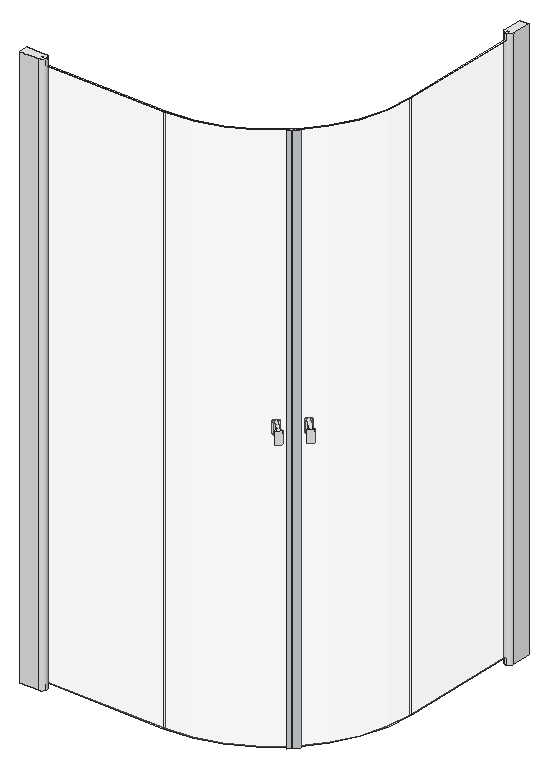
Revit family "IglooPro Round Shower", category Generic Models, Revit 2019
Family settings
  Can host rebar = No
  Round Connector Dimension = Use Diameter
  Part Type = Normal
  Work Plane-Based = No
  Always vertical = Yes
  Cut with Voids When Loaded = No
  Shared = No
  Room Calculation Point = No
Parameters (values of type "1450427 IglooPro Round 100x100 Clear")
  Width = 1000 mm
  URL = "https://www.hafa.se/"
  Straight part of door w = Width - 500 mm  # 500 mm
  Straight part of door l = Length - 500 mm  # 500 mm
  Ref plane hor = Length - 599 mm  # 401 mm
  Profile and Handle material = Aluminium
  Placement handle W = 297.24 mm
  Placement handle L = 297.2 mm
  Manufacturer = "Hafa Bathroom Group"
  Length = 1000 mm
  Glass Type = Glass Clear
  ETIM class = "EC010038"
  Doorblade width = Width - 205 mm  # 795 mm
  Doorblade length = Length - 205 mm  # 795 mm
  Diagonal = 924 mm
  Description = "Shower corner"
Types (17, lengths in mm): name | Width | Straight part of door w | Straight part of door l | Ref plane hor | Placement handle W | Placement handle L | Length | Doorblade width | Doorblade length | Diagonal
  (no name) | 1000 | 500 | 500 | 401 | 297.24 | 297.2 | 1000 | 795 | 795 | 924
  1450401 IglooPro Round 90x90 Clear | 900 | 400 | 400 | 301 | 297.24 | 310.876 | 900 | 695 | 695 | 924
  1450400 IglooPro Round 80x80 Clear | 800 | 300 | 300 | 201 | 297.24 | 310.876 | 800 | 595 | 595 | 986
  1450420 IglooPro Round 70x70 Clear | 700 | 200 | 200 | 101 | 297.24 | 310.876 | 700 | 495 | 495 | 924
  1450421 IglooPro Round 70x80 Clear | 800 | 300 | 200 | 101 | 284.2 | 310.876 | 700 | 595 | 495 | 924
  1450421 IglooPro Round 80x70 Clear | 700 | 200 | 300 | 201 | 310.2 | 283.9 | 800 | 495 | 595 | 924
  1450422 IglooPro Round 70x90 Clear | 700 | 200 | 428.991 | 329.991 | 325.2 | 269 | 928.991 | 495 | 723.991 | 924
  1450422 IglooPro Round 90x70 Clear | 900 | 400 | 200 | 101 | 272.2 | 321.9 | 700 | 695 | 495 | 924
  1450423 IglooPro Round 70x100 Clear | 1000 | 500 | 200 | 101 | 260.2 | 332.9 | 700 | 795 | 495 | 924
  1450423 IglooPro Round 100x70 Clear | 700 | 200 | 500 | 401 | 332.2 | 250.9 | 1000 | 495 | 795 | 924
  1450424 IglooPro Round 80x90 Clear | 900 | 400 | 300 | 201 | 285.2 | 310.876 | 800 | 695 | 595 | 924
  1450424 IglooPro Round 90x80 Clear | 800 | 300 | 400 | 301 | 309.2 | 284.9 | 900 | 595 | 695 | 924
  1450425 IglooPro Round 80x100 Clear | 1000 | 500 | 300 | 201 | 274.2 | 319.9 | 800 | 795 | 595 | 924
  1450425 IglooPro Round 100x80 Clear | 800 | 300 | 500 | 401 | 319.2 | 272.9 | 1000 | 595 | 795 | 924
  1450426 IglooPro Round 90x100 Clear | 1000 | 500 | 400 | 301 | 286.2 | 310.876 | 900 | 795 | 695 | 924
  1450426 IglooPro Round 100x90 Clear | 900 | 400 | 500 | 401 | 308.2 | 286.9 | 1000 | 695 | 795 | 924
  1450427 IglooPro Round 100x100 Clear | 1000 | 500 | 500 | 401 | 297.24 | 297.2 | 1000 | 795 | 795 | 924
Reference planes
  plane 1 "Center (Front/Back)": y = 0
  plane 2: z = 0
  plane 3 "Center (Left/Right)": x = 0
Forms (mm)
  Extrusion 1, solid, material "Aluminium"
    sketch origin (-11.989, 48, 0) x (1, 0, 0) y (0, 1, 0)
      loop
        line (-488.011, -548) -> (-422.011, -548)
        arc (-422.011, -548) -> (-406.011, -532) -> (-422.011, -516) r 16
        line (-422.011, -516) -> (-488.011, -516) -> (-488.011, -548)
    from 0 to 2000
  Extrusion 2, solid, material "Aluminium"
    sketch origin (952.782, -63.487, 0) x (0, -1, 0) y (1, 0, 0)
      loop
        line (-563.487, -484.782) -> (-497.487, -484.782)
        arc (-497.487, -484.782) -> (-481.487, -468.782) -> (-497.487, -452.782) r 16
        line (-497.487, -452.782) -> (-563.487, -452.782) -> (-563.487, -484.782)
    from 0 to 2000
  Extrusion 3, solid, material "Glass Clear" <- "Glass Type"
    sketch origin (0, 0, 0) x (1, 0, 0) y (0, 1, 0)
      loop
        line (-432, -481) -> (-432, -487) -> (0, -487) -> (0, -481) -> (-432, -481)
      loop
        line (481, 432) -> (481, 0) -> (487, 0) -> (487, 432) -> (481, 432)
    from 0 to 2000
  Extrusion 4, solid, material "Glass Clear" <- "Glass Type"
    sketch origin (0, 0, 0) x (1, 0, 0) y (0, 1, 0)
      loop
        arc (-0.009, -487) -> (344.066, -344.072) -> (487.001, 0) r 488
        line (487.001, 0) -> (480.977, 0)
        arc (480.977, 0) -> (340.1, -340.111) -> (-0.009, -480.993) r 480.993
        line (-0.009, -480.993) -> (-0.009, -487)
    from 0 to 2000
  Extrusion 5, void
    sketch origin (0, 0, 0) x (1, 0, 0) y (0, 1, 0)
      loop
        line (-485.858, 500) -> (-500, 500) -> (-500, 485.858) -> (485.858, -500) -> (500, -500) -> (500, -485.858) -> (-485.858, 500)
    from 0 to 2000
  Extrusion 6, void, not visible
    sketch origin (387, -345, 1018) x (-1, 0, 0) y (0, 1, 0)
      loop
        line (0, -5) -> (0, 1.5) -> (-21, 1.5)
        arc (-21, 1.5) -> (-23.828, 0.328) -> (-25, -2.5) r 4
        line (-25, -2.5) -> (-25, -5) -> (0, -5)
      loop
        line (0, 18) -> (-25, 18) -> (-25, 15.5)
        arc (-25, 15.5) -> (-23.828, 12.672) -> (-21, 11.5) r 4
        line (-21, 11.5) -> (0, 11.5) -> (0, 18)
    from 0 to 43
  Extrusion 7, void
    sketch origin (0, 0, 0) x (1, 0, 0) y (0, 1, 0)
      loop
        line (500, -500) -> (500, 418) -> (-418, 418) -> (-418, -500) -> (500, -500)
    from 0 to 21
  Extrusion 8, void
    sketch origin (-11.989, 48, 2000) x (0, 1, 0) y (1, 0, 0)
      loop
        line (-548, 511.989) -> (-548, -406.011) -> (370, -406.011) -> (370, 511.989) -> (-548, 511.989)
    from 0 to 21
Cuts and joins
  Extrusion 5, Extrusion 7, Extrusion 8 cuts Extrusion 4
  Extrusion 7, Extrusion 8 cuts Extrusion 3
Lines and regions (mm)
  reference lines
    curve 1: line (-500, 500, 0) -> (500, 500, 0)
    curve 2: line (-500, -500, 0) -> (500, -500, 0)
    curve 3: line (-500, 500, 0) -> (-500, -500, 0)
    curve 4: line (500, 500, 0) -> (500, -500, 0)
    curve 5: line (-500, -484, 0) -> (500, -484, 0)
    curve 6: line (484, 500, 0) -> (484, -500, 0)
    curve 7: line (-500, 500, 0) -> (500, -500, 0)
    curve 8: line (0, -484, 1021.5) -> (484, 0, 1021.5)
  symbolic lines
    curve 9: line (484, 432, 1021.5) -> (981.618, 480.748, 1021.5)
    curve 10: arc (981.618, 480.748, 1021.5) -> (1193.712, 459.746, 1021.5) -> (1381.623, 359.178, 1021.5) r 546.236
    curve 11: line (-432, -484, 1021.5) -> (-518.824, -976.404, 1021.5)
    curve 12: arc (-518.824, -976.404, 1021.5) -> (-514.595, -1170.239, 1021.5) -> (-436.509, -1347.702, 1021.5) r 496.902
Dimensions and locks
  equal spacing: curve 2, plane 1 "Center (Front/Back)", curve 1
  equal spacing: curve 3, plane 3 "Center (Left/Right)", curve 4
  "Length": curve 3 to curve 4
  "Width": curve 2 to curve 1
  Extrusion 1 to Extrusion 1 = 32 mm
  locked: Extrusion 1 to Extrusion 1 at 82
  locked: Extrusion 2 to Extrusion 2 at 32
  locked: Extrusion 2 to Extrusion 2 at 82
  locked: Extrusion 3 sketch curve to Extrusion 3 sketch curve at 6  (x2)
  locked: Extrusion 1 to Extrusion 3 sketch curve at 68
  "Straight part of door l": Extrusion 1 to Extrusion 3 sketch curve
  locked: curve 2 to Extrusion 3 at 13
  locked: curve 6 to Extrusion 3 sketch curve at 3
  locked: Extrusion 3 sketch curve to Extrusion 2 at 68
  "Straight part of door l": Extrusion 4 sketch curve to curve 5
  "Straight part of door w": Extrusion 2 to Extrusion 4 sketch curve
  locked: Extrusion 4 sketch curve to Extrusion 4 sketch curve at 6.023
  "Straight part of door w": curve 1 to Extrusion 3 sketch curve
  locked: curve 2 to Extrusion 4 sketch curve at 13
  locked: Extrusion 4 sketch curve to curve 4 at 12.999
  locked: Extrusion 5 sketch curve to curve 7 at 10
  curve 7 to Extrusion 5 sketch curve = 10 mm
  locked: Extrusion 6 sketch curve to Extrusion 6 sketch curve at 6.5  (x2)
  locked: cut or joined group of Extrusion 4, Extrusion 5, Extrusion 7, Extrusion 8 to nested 1 at 0.05
  locked: cut or joined group of Extrusion 4, Extrusion 5, Extrusion 7, Extrusion 8 to nested 1 at 0.03
  locked: cut or joined group of Extrusion 4, Extrusion 5, Extrusion 7, Extrusion 8 to nested 2 at 0.191
  locked: cut or joined group of Extrusion 4, Extrusion 5, Extrusion 7, Extrusion 8 to nested 2 at 0.093
  locked: curve 2 to curve 8 at 16
  "Straight part of door l": curve 3 to curve 8
  curve 8 to curve 4 = 16 mm
  "Straight part of door w": curve 8 to curve 1
  locked: curve 8 to nested 3 at 140
  "Placement handle W": curve 8 to nested 3
  locked: nested 4 to curve 8 at 140
  "Placement handle L": curve 8 to nested 4
  locked: curve 3 to Extrusion 7 sketch curve at 82
  locked: Extrusion 7 sketch curve to curve 1 at 82
  locked: Extrusion 8 sketch curve to curve 1 at 82
  locked: curve 3 to Extrusion 8 sketch curve at 82
  "Straight part of door w": curve 9 to curve 9
  curve 9 to curve 1 = 19.252 mm
  "Straight part of door l": curve 11 to curve 11
  radius of Extrusion 4 sketch curve = 480.993 mm
  radius of Extrusion 4 sketch curve = 488 mm
  radius of curve 10 = 546.236 mm
  radius of curve 12 = 496.902 mm
  locked: curve 10 to curve 10 (angle 45.00°)
  angle curve 5 to curve 11 = 80.00°
  locked: curve 12 to curve 12 (angle 45.00°)
  aligned and locked: level to plane 2
  aligned and locked: curve 2 to Extrusion 1
  aligned and locked: curve 3 to Extrusion 1
  aligned and locked: curve 1 to Extrusion 2
  aligned and locked: curve 4 to Extrusion 2
  aligned and locked: curve 4 to Extrusion 5 sketch curve
  aligned and locked: Extrusion 5 sketch curve to curve 2
  aligned and locked: Extrusion 5 sketch curve to curve 3
  aligned and locked: Extrusion 5 sketch curve to curve 1
  aligned and locked: Extrusion 6 sketch curve to Extrusion 6 sketch curve
  aligned and locked: Extrusion 7 sketch curve to curve 2
  aligned and locked: curve 4 to Extrusion 7 sketch curve
  aligned and locked: Extrusion 8 sketch curve to curve 2
  aligned and locked: curve 4 to Extrusion 8 sketch curve
  aligned and locked: curve 6 to curve 9
  aligned and locked: cut or joined group of Extrusion 3, Extrusion 7, Extrusion 8 to curve 9
  aligned and locked: curve 5 to curve 11
  aligned and locked: cut or joined group of Extrusion 3, Extrusion 7, Extrusion 8 to curve 11
Automatic sketch dimensions
  Extrusion 1 sketch curve to Extrusion 1 sketch curve = 66 mm
  Extrusion 1 sketch curve to Extrusion 1 sketch curve = 16 mm
  Extrusion 2 sketch curve to plane 1 "Center (Front/Back)" = 500 mm
  Extrusion 2 sketch curve to Extrusion 2 sketch curve = 66 mm
  plane 3 "Center (Left/Right)" to Extrusion 2 sketch curve = 468 mm
  Extrusion 2 sketch curve to Extrusion 2 sketch curve = 16 mm
  Extrusion 1 sketch curve to plane 3 "Center (Left/Right)" = 500 mm
  plane 1 "Center (Front/Back)" to Extrusion 1 sketch curve = 500 mm
  Extrusion 6 sketch curve to Extrusion 6 sketch curve = 4 mm  (x2)
  Extrusion 6 sketch curve to Extrusion 6 sketch curve = 21 mm
  Extrusion 6 sketch curve to Extrusion 6 sketch curve = 0 mm
  Extrusion 6 sketch curve to Extrusion 6 sketch curve = 10 mm
  curve 6 to curve 1 = 16 mm
  curve 2 to curve 5 = 16 mm
  Extrusion 3 sketch curve to Extrusion 3 sketch curve = 6 mm
  plane 1 "Center (Front/Back)" to Extrusion 3 sketch curve = 481 mm
Nested families
  nested 1: "IglooPro magnetic gasket" at (343.092, -347.234, 21) x (0.7349, -0.6782, 0) z (0, 0, 1), type "IglooPro magnetic gasket"
  nested 2: "IglooPro magnetic gasket" at (342.012, -337.218, 21) x (-0.6691, 0.7431, 0) z (0, 0, 1), type "IglooPro magnetic gasket"
  nested 3: "IglooPro Handle Knob" at (372.815, -309.175, 1000) x (-0.7071, 0.7071, 0) z (0, 0, 1), type "IglooPro Handle Knob"
  nested 4: "IglooPro Handle Knob" at (309.147, -372.843, 1000) x (0.7071, -0.7071, 0) z (0, 0, 1), type "IglooPro Handle Knob"
Definition of nested family "IglooPro magnetic gasket"
  Reference planes
    plane 1 "Center (Front/Back)": y = 0
    plane 2: z = 0
    plane 3 "Center (Left/Right)": x = 0
  Forms (mm)
    Extrusion 1, solid
      sketch origin (0, 0, 0) x (1, 0, 0) y (0, 1, 0)
        loop
          line (-7.08, 12.955) -> (-7.08, 22.955) -> (-8.08, 22.955) -> (-8.08, 8.103) -> (-0.08, 0.103) -> (-0.08, 22.955) -> (-1.08, 22.955) -> (-1.08, 12.955) -> (-7.08, 12.955)
      from 0 to 1958
  Dimensions and locks
    locked: Extrusion 1 sketch curve to Extrusion 1 sketch curve at 10
    Extrusion 1 sketch curve to plane 3 "Center (Left/Right)" = 8.08 mm
    locked: Extrusion 1 sketch curve to Extrusion 1 sketch curve at 1  (x2)
    locked: Extrusion 1 sketch curve to Extrusion 1 sketch curve at 22.851
    locked: Extrusion 1 sketch curve to Extrusion 1 sketch curve at 14.851
    locked: Extrusion 1 sketch curve to plane 1 "Center (Front/Back)" at 22.955
    aligned and locked: level to plane 2
    aligned and locked: plane 3 "Center (Left/Right)" to Extrusion 1 sketch curve
    aligned and locked: Extrusion 1 sketch curve to Extrusion 1 sketch curve
Definition of nested family "IglooPro Handle Knob"
  Reference planes
    plane 1 "Center (Front/Back)": y = 0
    plane 2: z = 0
    plane 3 "Center (Left/Right)": x = 0
  Forms (mm)
    Extrusion 1, solid
      sketch origin (0, 0, 0) x (1, 0, 0) y (0, 1, 0)
        loop
          arc (-23, 5) -> (-26.536, 6.464) -> (-28, 10) r 5
          line (-28, 10) -> (-28, 11) -> (-33, 11) -> (-33, -11) -> (-28, -11) -> (-28, -10)
          arc (-28, -10) -> (-26.536, -6.464) -> (-23, -5) r 5
          line (-23, -5) -> (23, -5)
          arc (23, -5) -> (26.536, -6.464) -> (28, -10) r 5
          line (28, -10) -> (28, -11) -> (33, -11) -> (33, 11) -> (28, 11) -> (28, 10)
          arc (28, 10) -> (26.536, 6.464) -> (23, 5) r 5
          line (23, 5) -> (-23, 5)
      from 0 to 43
    Extrusion 2, void
      sketch origin (33, 127.429, 0) x (0, 1, 0) y (0, 0, -1)
        loop
          arc (-133.429, -43) -> (-136.965, -41.536) -> (-138.429, -38) r 5
          line (-138.429, -38) -> (-138.429, -43) -> (-133.429, -43)
        loop
          line (-121.429, -43) -> (-116.429, -43) -> (-116.429, -38)
          arc (-116.429, -38) -> (-117.894, -41.536) -> (-121.429, -43) r 5
        loop
          line (-116.429, -5) -> (-116.429, 0) -> (-121.429, 0)
          arc (-121.429, 0) -> (-117.894, -1.464) -> (-116.429, -5) r 5
        loop
          line (-133.429, 0) -> (-138.429, 0) -> (-138.429, -5)
          arc (-138.429, -5) -> (-136.965, -1.464) -> (-133.429, 0) r 5
      from 0 to 66
  Cuts and joins
    Extrusion 2 cuts Extrusion 1
  Dimensions and locks
    locked: Extrusion 1 sketch curve to Extrusion 1 sketch curve at 5  (x2)
    locked: Extrusion 1 sketch curve to Extrusion 1 sketch curve at 6  (x2)
    locked: Extrusion 1 sketch curve to Extrusion 1 sketch curve at 10
    locked: plane 1 "Center (Front/Back)" to Extrusion 1 sketch curve at 5
    locked: Extrusion 1 sketch curve to plane 3 "Center (Left/Right)" at 33
    locked: plane 3 "Center (Left/Right)" to Extrusion 1 sketch curve at 33
    aligned and locked: level to plane 2
    aligned and locked: Extrusion 1 sketch curve to Extrusion 1 sketch curve  (x4)
    aligned and locked: Extrusion 2 sketch curve to Extrusion 1
  Automatic sketch dimensions
    Extrusion 1 sketch curve to Extrusion 1 sketch curve = 5 mm  (x3)
    Extrusion 1 sketch curve to Extrusion 1 sketch curve = 1 mm
    Extrusion 2 sketch curve to Extrusion 1 = 0 mm  (x5)
    Extrusion 1 to Extrusion 2 sketch curve = 0 mm  (x2)
    Extrusion 2 sketch curve to Extrusion 2 sketch curve = 5 mm  (x3)
    Extrusion 2 sketch curve to Extrusion 1 = 5 mm
